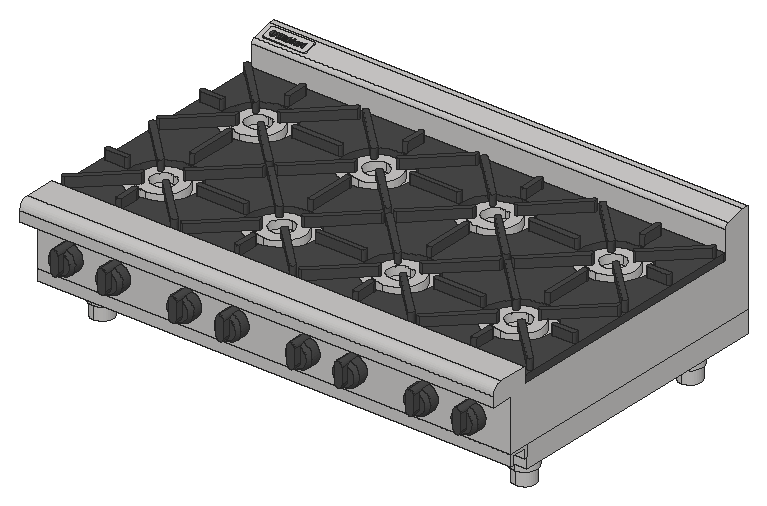
Revit family "QF_MOFFAT WALDORF_RNL8800G-B", category Specialty Equipment, Revit 2012 (continued)
Lines and regions (mm)
  symbolic lines
    curve 68: arc (150, -180.5, 0) -> (93, -237.5, 0) -> (150, -294.5, 0) r 57
    curve 69: arc (450, -321.582, 0) -> (365.918, -237.5, 0) -> (450, -153.418, 0) r 84.082
    curve 70: arc (450, -153.418, 0) -> (534.082, -237.5, 0) -> (450, -321.582, 0) r 84.082
    curve 71: arc (450, -180.5, 0) -> (393, -237.5, 0) -> (450, -294.5, 0) r 57
    curve 72: arc (450, -294.5, 0) -> (507, -237.5, 0) -> (450, -180.5, 0) r 57
    curve 73: arc (450, -621.582, 0) -> (365.918, -537.5, 0) -> (450, -453.418, 0) r 84.082
    curve 74: arc (450, -453.418, 0) -> (534.082, -537.5, 0) -> (450, -621.582, 0) r 84.082
    curve 75: arc (450, -480.5, 0) -> (393, -537.5, 0) -> (450, -594.5, 0) r 57
    curve 76: arc (450, -594.5, 0) -> (507, -537.5, 0) -> (450, -480.5, 0) r 57
    curve 77: arc (150, -453.418, 0) -> (234.082, -537.5, 0) -> (150, -621.582, 0) r 84.082
    curve 78: arc (150, -621.582, 0) -> (65.918, -537.5, 0) -> (150, -453.418, 0) r 84.082
    curve 79: arc (150, -594.5, 0) -> (207, -537.5, 0) -> (150, -480.5, 0) r 57
    curve 80: arc (150, -480.5, 0) -> (93, -537.5, 0) -> (150, -594.5, 0) r 57
    curve 81: arc (750, -153.418, 0) -> (834.082, -237.5, 0) -> (750, -321.582, 0) r 84.082
    curve 82: arc (750, -321.582, 0) -> (665.918, -237.5, 0) -> (750, -153.418, 0) r 84.082
    curve 83: arc (750, -294.5, 0) -> (807, -237.5, 0) -> (750, -180.5, 0) r 57
    curve 84: arc (750, -180.5, 0) -> (693, -237.5, 0) -> (750, -294.5, 0) r 57
    curve 85: arc (750, -453.418, 0) -> (834.082, -537.5, 0) -> (750, -621.582, 0) r 84.082
    curve 86: arc (750, -621.582, 0) -> (665.918, -537.5, 0) -> (750, -453.418, 0) r 84.082
    curve 87: arc (750, -594.5, 0) -> (807, -537.5, 0) -> (750, -480.5, 0) r 57
    curve 88: arc (750, -480.5, 0) -> (693, -537.5, 0) -> (750, -594.5, 0) r 57
    curve 89: arc (1050, -321.582, 0) -> (965.918, -237.5, 0) -> (1050, -153.418, 0) r 84.082
    curve 90: arc (1050, -153.418, 0) -> (1134.082, -237.5, 0) -> (1050, -321.582, 0) r 84.082
    curve 91: arc (1050, -294.5, 0) -> (1107, -237.5, 0) -> (1050, -180.5, 0) r 57
    curve 92: arc (1050, -180.5, 0) -> (993, -237.5, 0) -> (1050, -294.5, 0) r 57
    curve 93: arc (1050, -621.582, 0) -> (965.918, -537.5, 0) -> (1050, -453.418, 0) r 84.082
    curve 94: arc (1050, -453.418, 0) -> (1134.082, -537.5, 0) -> (1050, -621.582, 0) r 84.082
    curve 95: arc (1050, -480.5, 0) -> (993, -537.5, 0) -> (1050, -594.5, 0) r 57
    curve 96: arc (1050, -594.5, 0) -> (1107, -537.5, 0) -> (1050, -480.5, 0) r 57
    curve 97: line (149.548, -91.559, 0) -> (149.548, -150.474, 0)
    curve 98: line (292.985, -93.673, 0) -> (177.661, -208.996, 0)
    curve 99: line (6.308, -93.805, 0) -> (122.981, -210.478, 0)
    curve 100: line (4.051, -237.21, 0) -> (62.934, -237.21, 0)
    curve 101: line (237.206, -237.685, 0) -> (362.206, -237.685, 0)
    curve 102: line (177.414, -264.855, 0) -> (292.362, -379.803, 0)
    curve 103: line (121.919, -265.123, 0) -> (7.026, -380.016, 0)
    curve 104: line (149.925, -324.847, 0) -> (149.925, -444.847, 0)
    curve 105: line (149.548, -683.441, 0) -> (149.548, -624.526, 0)
    curve 106: line (292.985, -681.327, 0) -> (177.661, -566.004, 0)
    curve 107: line (6.308, -681.195, 0) -> (122.981, -564.522, 0)
    curve 108: line (4.051, -537.79, 0) -> (62.934, -537.79, 0)
    curve 109: line (237.206, -537.315, 0) -> (362.206, -537.315, 0)
    curve 110: line (177.414, -510.145, 0) -> (292.362, -395.197, 0)
    curve 111: line (121.919, -509.877, 0) -> (7.026, -394.984, 0)
    curve 112: line (450.452, -91.559, 0) -> (450.452, -150.474, 0)
    curve 113: line (307.015, -93.673, 0) -> (422.339, -208.996, 0)
    curve 114: line (593.692, -93.805, 0) -> (477.019, -210.478, 0)
    curve 115: line (422.586, -264.855, 0) -> (307.638, -379.803, 0)
    curve 116: line (478.081, -265.123, 0) -> (592.974, -380.016, 0)
    curve 117: line (450.075, -324.847, 0) -> (450.075, -444.847, 0)
    curve 118: line (450.452, -683.441, 0) -> (450.452, -624.526, 0)
    curve 119: line (307.015, -681.327, 0) -> (422.339, -566.004, 0)
    curve 120: line (593.692, -681.195, 0) -> (477.019, -564.522, 0)
    curve 121: line (362.794, -537.315, 0) -> (237.794, -537.315, 0)
    curve 122: line (422.586, -510.145, 0) -> (307.638, -395.197, 0)
    curve 123: line (478.081, -509.877, 0) -> (592.974, -394.984, 0)
    curve 124: arc (1050, -153.418, 0) -> (965.918, -237.5, 0) -> (1050, -321.582, 0) r 84.082
    curve 125: arc (1050, -321.582, 0) -> (1134.082, -237.5, 0) -> (1050, -153.418, 0) r 84.082
    curve 126: arc (1050, -294.5, 0) -> (993, -237.5, 0) -> (1050, -180.5, 0) r 57
    curve 127: arc (1050, -180.5, 0) -> (1107, -237.5, 0) -> (1050, -294.5, 0) r 57
    curve 128: arc (750, -321.582, 0) -> (834.082, -237.5, 0) -> (750, -153.418, 0) r 84.082
    curve 129: arc (750, -153.418, 0) -> (665.918, -237.5, 0) -> (750, -321.582, 0) r 84.082
    curve 130: arc (750, -180.5, 0) -> (807, -237.5, 0) -> (750, -294.5, 0) r 57
    curve 131: arc (750, -294.5, 0) -> (693, -237.5, 0) -> (750, -180.5, 0) r 57
    curve 132: arc (750, -621.582, 0) -> (834.082, -537.5, 0) -> (750, -453.418, 0) r 84.082
    curve 133: arc (750, -453.418, 0) -> (665.918, -537.5, 0) -> (750, -621.582, 0) r 84.082
    curve 134: arc (750, -480.5, 0) -> (807, -537.5, 0) -> (750, -594.5, 0) r 57
    curve 135: arc (750, -594.5, 0) -> (693, -537.5, 0) -> (750, -480.5, 0) r 57
    curve 136: arc (1050, -453.418, 0) -> (965.918, -537.5, 0) -> (1050, -621.582, 0) r 84.082
    curve 137: arc (1050, -621.582, 0) -> (1134.082, -537.5, 0) -> (1050, -453.418, 0) r 84.082
    curve 138: arc (1050, -594.5, 0) -> (993, -537.5, 0) -> (1050, -480.5, 0) r 57
    curve 139: arc (1050, -480.5, 0) -> (1107, -537.5, 0) -> (1050, -594.5, 0) r 57
    curve 140: line (1050.452, -91.559, 0) -> (1050.452, -150.474, 0)
    curve 141: line (907.015, -93.673, 0) -> (1022.339, -208.996, 0)
    curve 142: line (1195.949, -237.21, 0) -> (1137.066, -237.21, 0)
    curve 143: line (962.794, -237.685, 0) -> (837.794, -237.685, 0)
    curve 144: line (1022.586, -264.855, 0) -> (907.638, -379.803, 0)
    curve 145: line (1078.081, -265.123, 0) -> (1192.974, -380.016, 0)
    curve 146: line (1050.075, -324.847, 0) -> (1050.075, -444.847, 0)
    curve 147: line (1050.452, -683.441, 0) -> (1050.452, -624.526, 0)
    curve 148: line (907.015, -681.327, 0) -> (1022.339, -566.004, 0)
    curve 149: line (1193.692, -681.195, 0) -> (1077.019, -564.522, 0)
    curve 150: line (1195.949, -537.79, 0) -> (1137.066, -537.79, 0)
    curve 151: line (962.794, -537.315, 0) -> (837.794, -537.315, 0)
    curve 152: line (1022.586, -510.145, 0) -> (907.638, -395.197, 0)
    curve 153: line (1078.081, -509.877, 0) -> (1192.974, -394.984, 0)
    curve 154: line (749.548, -91.559, 0) -> (749.548, -150.474, 0)
    curve 155: line (892.985, -93.673, 0) -> (777.661, -208.996, 0)
    curve 156: line (606.308, -93.805, 0) -> (722.981, -210.478, 0)
    curve 157: line (777.414, -264.855, 0) -> (892.362, -379.803, 0)
    curve 158: line (721.919, -265.123, 0) -> (607.026, -380.016, 0)
    curve 159: line (749.925, -324.847, 0) -> (749.925, -444.847, 0)
    curve 160: line (749.548, -683.441, 0) -> (749.548, -624.526, 0)
    curve 161: line (892.985, -681.327, 0) -> (777.661, -566.004, 0)
    curve 162: line (606.308, -681.195, 0) -> (722.981, -564.522, 0)
    curve 163: line (837.206, -537.315, 0) -> (962.206, -537.315, 0)
    curve 164: line (777.414, -510.145, 0) -> (892.362, -395.197, 0)
    curve 165: line (721.919, -509.877, 0) -> (607.026, -394.984, 0)
    curve 166: line (1192.985, -93.673, 0) -> (1077.661, -208.996, 0)
    curve 167: line (537.5, -237.685, 0) -> (662.5, -237.685, 0)
    curve 168: line (663.089, -537.315, 0) -> (538.089, -537.315, 0)
    curve 169: line (0, -387.5, 0) -> (1200, -387.5, 0)
    curve 170: line (300.379, -70, 0) -> (300.379, -705, 0)
    curve 171: line (600, -70, 0) -> (600, -705, 0)
    curve 172: line (900, -70, 0) -> (900, -705, 0)
    curve 173: line (1200, -805, 0) -> (1200, 0, 0)
    curve 174: line (0, -805, 0) -> (1200, -805, 0)
    curve 175: line (0, 0, 0) -> (0, -805, 0)
    curve 176: line (1200, -705, 0) -> (0, -705, 0)
    curve 177: line (0, -70, 0) -> (1200, -70, 0)
    curve 178: line (1200, 0, 0) -> (0, 0, 0)
    curve 179: arc (150, -267.5, 0) -> (120, -237.5, 0) -> (150, -207.5, 0) r 30
    curve 180: arc (150, -207.5, 0) -> (180, -237.5, 0) -> (150, -267.5, 0) r 30
    curve 181: arc (450, -267.5, 0) -> (420, -237.5, 0) -> (450, -207.5, 0) r 30
    curve 182: arc (450, -207.5, 0) -> (480, -237.5, 0) -> (450, -267.5, 0) r 30
    curve 183: arc (750, -207.5, 0) -> (780, -237.5, 0) -> (750, -267.5, 0) r 30
    curve 184: arc (750, -267.5, 0) -> (720, -237.5, 0) -> (750, -207.5, 0) r 30
    curve 185: arc (1050, -267.5, 0) -> (1020, -237.5, 0) -> (1050, -207.5, 0) r 30
    curve 186: arc (1050, -207.5, 0) -> (1080, -237.5, 0) -> (1050, -267.5, 0) r 30
    curve 187: arc (1050, -507.5, 0) -> (1080, -537.5, 0) -> (1050, -567.5, 0) r 30
    curve 188: arc (1050, -567.5, 0) -> (1020, -537.5, 0) -> (1050, -507.5, 0) r 30
    curve 189: arc (750, -507.5, 0) -> (780, -537.5, 0) -> (750, -567.5, 0) r 30
    curve 190: arc (750, -567.5, 0) -> (720, -537.5, 0) -> (750, -507.5, 0) r 30
    curve 191: arc (450, -507.5, 0) -> (480, -537.5, 0) -> (450, -567.5, 0) r 30
    curve 192: arc (450, -567.5, 0) -> (420, -537.5, 0) -> (450, -507.5, 0) r 30
    curve 193: arc (150, -507.5, 0) -> (180, -537.5, 0) -> (150, -567.5, 0) r 30
    curve 194: arc (150, -567.5, 0) -> (120, -537.5, 0) -> (150, -507.5, 0) r 30
Dimensions and locks
  equal spacing: plane 3 "LEFT", plane 7 "Center Y", plane 4 "RIGHT"
  plane 3 "LEFT" to plane 4 "RIGHT" = 1200.0 mm
  equal spacing: plane 5 "FRONT", plane 8 "Center X", plane 1 "BACK"
  plane 5 "FRONT" to plane 1 "BACK" = 805.0 mm
  "Base Height": plane 9 "Base Height" to level
  locked: plane 6 "TOP" to plane 9 "Base Height" at 290
  Extrusion 9 sketch curve to plane 10 = 64.8 mm
  level to Extrusion 6 = 55.0 mm
  locked: Extrusion 6 to plane 9 "Base Height" at 25
  Revolve 15 sketch curve to Revolve 15 sketch curve to Revolve 17 to cut or joined group of Revolve 13, Extrusion 14 = 11.0 mm locked, 23.0 mm locked, 10.0 mm locked
  plane 11 to plane 12 = 1069.0 mm
  plane 6 "TOP" to level = 370.0 mm
  aligned and locked: level to plane 2
  aligned and locked: plane 9 "Base Height" to Extrusion 6
  aligned and locked: Revolve 3 sketch curve to plane 9 "Base Height"
  aligned and locked: Extrusion 1 to Revolve 15 sketch curve
Automatic sketch dimensions
  plane 1 "BACK" to Extrusion 6 sketch curve = 32.0 mm
  Extrusion 6 sketch curve to plane 11 = 64.0 mm
  curve 65 to curve 67 = 0.0 mm  (x2)
  curve 69 to curve 71 = 0.0 mm  (x2)
  curve 73 to curve 75 = 0.0 mm
  curve 74 to curve 76 = 0.0 mm
  curve 77 to curve 79 = 0.0 mm  (x2)
  curve 81 to curve 83 = 0.0 mm  (x2)
  curve 81 to curve 128 = 0.0 mm  (x3)
  curve 81 to curve 130 = 0.0 mm  (x2)
  curve 85 to curve 87 = 0.0 mm  (x2)
  curve 85 to curve 132 = 0.0 mm
  curve 85 to curve 134 = 0.0 mm  (x2)
  curve 86 to curve 133 = 0.0 mm
  curve 89 to curve 91 = 0.0 mm  (x2)
  curve 90 to curve 127 = 0.0 mm
  curve 91 to curve 126 = 0.0 mm  (x2)
  curve 93 to curve 95 = 0.0 mm  (x2)
  curve 94 to curve 136 = 0.0 mm
  curve 96 to curve 139 = 0.0 mm
  curve 125 to curve 127 = 0.0 mm  (x2)
  curve 137 to curve 139 = 0.0 mm  (x2)
  curve 171 to plane 7 "Center Y" = 0.0 mm
  curve 169 to plane 4 "RIGHT" = 0.0 mm
  plane 3 "LEFT" to curve 100 = 4.051 mm
  plane 3 "LEFT" to curve 108 = 4.051 mm
  plane 3 "LEFT" to curve 107 = 6.308 mm
  plane 3 "LEFT" to curve 99 = 6.308 mm
  plane 3 "LEFT" to curve 111 = 7.026 mm
  plane 3 "LEFT" to curve 103 = 7.026 mm
  plane 3 "LEFT" to curve 3 = 12.5 mm
  curve 100 to plane 12 = 2.066 mm
  curve 108 to plane 12 = 2.066 mm
  plane 12 to curve 4 = 56.5 mm
  plane 12 to curve 103 = 56.919 mm
  plane 12 to curve 111 = 56.919 mm
  curve 111 to curve 107 = 1.062 mm
  curve 103 to curve 99 = 1.062 mm
  curve 99 to curve 97 = 26.567 mm
  plane 12 to curve 105 = 84.548 mm
  curve 2 to curve 5 = 28.062 mm
  curve 103 to curve 104 = 28.006 mm
  curve 104 to curve 80 = 0.075 mm
  curve 104 to curve 68 = 0.075 mm
  curve 5 to curve 7 = 20.0 mm
  curve 65 to curve 102 = 27.414 mm
  curve 77 to curve 110 = 27.414 mm
  curve 67 to curve 98 = 27.661 mm
  curve 79 to curve 106 = 27.661 mm
  curve 6 to curve 9 = 40.0 mm
  curve 9 to curve 12 = 20.0 mm
  curve 102 to curve 101 = 59.792 mm
  curve 110 to curve 109 = 59.792 mm
  curve 109 to curve 121 = 0.589 mm  (x2)
  curve 10 to curve 13 = 40.0 mm
  curve 13 to curve 16 = 20.0 mm
  plane 8 "Center X" to curve 110 = 7.303 mm
  curve 104 to curve 110 = 142.437 mm
  plane 8 "Center X" to curve 102 = 22.697 mm
  curve 102 to curve 110 = 0.0 mm
  curve 105 to curve 106 = 143.437 mm
  plane 1 "BACK" to curve 98 = 93.673 mm
  curve 14 to curve 98 = 3.422 mm
  curve 14 to curve 170 = 10.817 mm
  curve 98 to curve 113 = 14.03 mm
  curve 106 to curve 119 = 14.03 mm
  plane 8 "Center X" to curve 122 = 7.303 mm
  curve 110 to curve 122 = 15.277 mm
  plane 8 "Center X" to curve 115 = 22.697 mm
  curve 102 to curve 115 = 15.277 mm
  curve 15 to curve 20 = 40.0 mm
  curve 17 to curve 19 = 20.0 mm
  curve 101 to curve 101 = 125.0 mm
  curve 121 to curve 109 = 124.411 mm
  curve 19 to curve 22 = 40.0 mm
  curve 21 to curve 23 = 20.0 mm
  curve 101 to curve 113 = 60.133 mm
  curve 121 to curve 119 = 59.544 mm
  curve 113 to curve 115 = 0.248 mm
  curve 119 to curve 122 = 0.248 mm
  curve 22 to curve 25 = 40.0 mm
  curve 122 to curve 73 = 27.414 mm
  curve 113 to curve 72 = 27.661 mm
  curve 74 to curve 117 = 0.075 mm
  curve 70 to curve 112 = 0.452 mm
  curve 73 to curve 118 = 0.452 mm
  curve 25 to curve 27 = 20.0 mm
  curve 73 to curve 120 = 27.019 mm
  curve 69 to curve 114 = 27.019 mm
  curve 73 to curve 123 = 28.081 mm
  curve 69 to curve 116 = 28.081 mm
  curve 26 to curve 30 = 40.0 mm
  curve 29 to curve 31 = 20.0 mm
  curve 167 to plane 7 "Center Y" = 62.5 mm
  curve 168 to plane 7 "Center Y" = 61.911 mm
  curve 33 to plane 7 "Center Y" = 30.437 mm
  curve 35 to plane 7 "Center Y" = 10.437 mm
  curve 123 to plane 7 "Center Y" = 7.026 mm
  curve 116 to plane 7 "Center Y" = 7.026 mm
  curve 120 to plane 7 "Center Y" = 6.308 mm
  curve 114 to plane 7 "Center Y" = 6.308 mm
  plane 7 "Center Y" to curve 156 = 6.308 mm
  plane 7 "Center Y" to curve 162 = 6.308 mm
  plane 7 "Center Y" to curve 165 = 7.026 mm
  plane 7 "Center Y" to curve 158 = 7.026 mm
  plane 7 "Center Y" to curve 37 = 29.563 mm
  curve 37 to curve 38 = 20.0 mm
  plane 7 "Center Y" to curve 167 = 62.5 mm
  plane 7 "Center Y" to curve 168 = 63.089 mm
  curve 38 to curve 41 = 40.0 mm
  curve 41 to curve 43 = 20.0 mm
  curve 167 to curve 158 = 59.419 mm
  curve 168 to curve 165 = 58.83 mm
  curve 158 to curve 156 = 1.062 mm
  curve 165 to curve 162 = 1.062 mm
  curve 162 to curve 160 = 26.567 mm
  curve 156 to curve 154 = 26.567 mm
  curve 43 to curve 45 = 40.0 mm
  curve 158 to curve 159 = 28.006 mm
  curve 159 to curve 128 = 0.075 mm
  curve 162 to curve 133 = 27.019 mm
  curve 45 to curve 47 = 20.0 mm
  curve 85 to curve 164 = 27.414 mm
  curve 81 to curve 157 = 27.414 mm
  curve 84 to curve 155 = 27.661 mm
  curve 134 to curve 161 = 27.661 mm
  curve 47 to curve 50 = 40.0 mm
  curve 49 to curve 51 = 20.0 mm
  curve 164 to curve 163 = 59.792 mm
  curve 163 to curve 151 = 0.589 mm  (x2)
  curve 157 to curve 143 = 60.381 mm
  curve 51 to curve 53 = 40.0 mm
  curve 53 to curve 55 = 20.0 mm
  plane 8 "Center X" to curve 164 = 7.303 mm
  curve 159 to curve 164 = 142.437 mm
  plane 8 "Center X" to curve 157 = 22.697 mm
  curve 157 to curve 164 = 0.0 mm
  curve 160 to curve 161 = 143.437 mm
  plane 1 "BACK" to curve 155 = 93.673 mm
  curve 54 to curve 155 = 3.422 mm
  curve 54 to curve 172 = 10.438 mm
  curve 161 to curve 148 = 14.03 mm
  plane 1 "BACK" to curve 141 = 93.673 mm
  curve 155 to curve 141 = 14.03 mm
  plane 8 "Center X" to curve 144 = 22.697 mm
  curve 157 to curve 144 = 15.277 mm
  plane 8 "Center X" to curve 152 = 7.303 mm
  curve 164 to curve 152 = 15.277 mm
  curve 55 to curve 58 = 40.0 mm
  curve 57 to curve 60 = 20.0 mm
  curve 151 to curve 163 = 124.411 mm
  curve 143 to curve 143 = 125.0 mm
  curve 59 to curve 62 = 40.0 mm
  curve 61 to curve 63 = 20.0 mm
  curve 143 to curve 141 = 59.544 mm
  curve 151 to curve 148 = 59.544 mm
  curve 148 to curve 152 = 0.248 mm
  curve 141 to curve 144 = 0.248 mm
  curve 148 to curve 139 = 27.661 mm
  curve 144 to curve 92 = 27.414 mm
  curve 125 to curve 146 = 0.075 mm
  curve 137 to curve 147 = 0.452 mm
  curve 62 to curve 140 = 40.89 mm
  curve 136 to curve 149 = 27.019 mm
  curve 126 to curve 166 = 27.661 mm
  curve 136 to curve 153 = 28.081 mm
  curve 124 to curve 145 = 28.081 mm
  plane 11 to curve 150 = 3.066 mm
  plane 11 to curve 142 = 3.066 mm
  plane 4 "RIGHT" to curve 145 = 7.026 mm
  plane 4 "RIGHT" to curve 153 = 7.026 mm
  plane 4 "RIGHT" to curve 166 = 7.015 mm
  plane 4 "RIGHT" to curve 149 = 6.308 mm
  plane 4 "RIGHT" to curve 150 = 4.051 mm
  plane 4 "RIGHT" to curve 142 = 4.051 mm
  curve 159 to plane 8 "Center X" = 42.347 mm
  curve 146 to plane 8 "Center X" = 42.347 mm
  curve 117 to plane 8 "Center X" = 42.347 mm
  curve 104 to plane 8 "Center X" = 42.347 mm
  curve 94 to curve 146 = 8.57 mm
  curve 73 to curve 117 = 8.57 mm
  curve 86 to curve 159 = 8.57 mm
  curve 137 to curve 94 = 0.0 mm
  curve 77 to curve 104 = 8.57 mm
  curve 133 to curve 86 = 0.0 mm
  curve 79 to curve 77 = 27.082 mm
  curve 96 to curve 93 = 27.082 mm
  curve 88 to curve 85 = 27.082 mm
  curve 75 to curve 73 = 27.082 mm
  curve 139 to curve 95 = 0.0 mm
  curve 135 to curve 87 = 0.0 mm
  curve 153 to curve 138 = 29.377 mm
  curve 123 to curve 75 = 29.377 mm
  curve 111 to curve 79 = 29.377 mm
  curve 165 to curve 134 = 29.377 mm
  curve 152 to curve 95 = 29.645 mm
  curve 122 to curve 76 = 29.645 mm
  curve 110 to curve 79 = 29.645 mm
  curve 164 to curve 88 = 29.645 mm
  curve 168 to curve 165 = 27.439 mm
  curve 151 to curve 164 = 27.171 mm
  curve 109 to curve 110 = 27.171 mm
  curve 163 to curve 151 = 0.0 mm
  curve 109 to curve 121 = 0.0 mm
  curve 73 to curve 122 = 27.355 mm
  curve 133 to curve 164 = 27.355 mm
  curve 95 to curve 152 = 27.355 mm
  curve 77 to curve 110 = 27.355 mm
  curve 150 to curve 153 = 27.913 mm
  curve 108 to curve 111 = 27.913 mm
  curve 149 to curve 136 = 27.022 mm
  curve 107 to curve 77 = 27.022 mm
  curve 120 to curve 73 = 27.022 mm
  curve 162 to curve 85 = 27.022 mm
  curve 95 to curve 148 = 28.496 mm
  curve 79 to curve 106 = 28.496 mm
  curve 75 to curve 119 = 28.496 mm
  curve 134 to curve 161 = 28.496 mm
  curve 118 to curve 74 = 2.944 mm
  curve 160 to curve 133 = 2.944 mm
  curve 105 to curve 78 = 2.944 mm
  curve 147 to curve 137 = 2.944 mm
  curve 107 to plane 5 "FRONT" = 123.805 mm
  curve 120 to curve 162 = 0.0 mm
  curve 149 to plane 5 "FRONT" = 123.805 mm
  curve 161 to curve 148 = 0.0 mm
  curve 106 to plane 5 "FRONT" = 123.673 mm
  curve 106 to curve 119 = 0.0 mm
  curve 105 to curve 105 = 58.914 mm
  curve 147 to curve 147 = 58.914 mm
  curve 118 to curve 118 = 58.914 mm
  curve 160 to curve 160 = 58.914 mm
  curve 172 to curve 148 = 23.673 mm
  curve 170 to curve 119 = 23.673 mm
  curve 171 to curve 162 = 23.805 mm
  plane 8 "Center X" to curve 123 = 7.516 mm
  plane 8 "Center X" to curve 153 = 7.516 mm
  plane 8 "Center X" to curve 165 = 7.516 mm
  plane 8 "Center X" to curve 111 = 7.516 mm
  curve 153 to curve 169 = 7.484 mm
  curve 165 to curve 158 = 14.968 mm
  curve 169 to curve 103 = 7.484 mm
  curve 169 to curve 145 = 7.484 mm
  curve 116 to curve 158 = 0.0 mm
  plane 8 "Center X" to curve 117 = 77.653 mm
  plane 8 "Center X" to curve 104 = 77.653 mm
  plane 8 "Center X" to curve 159 = 77.653 mm
  plane 8 "Center X" to curve 146 = 77.653 mm
  curve 104 to curve 65 = 3.265 mm
  curve 159 to curve 128 = 3.265 mm
  curve 146 to curve 90 = 3.265 mm
  curve 117 to curve 70 = 3.265 mm
  curve 125 to curve 90 = 0.0 mm
  curve 81 to curve 130 = 27.082 mm
  curve 84 to curve 131 = 0.0 mm
  curve 89 to curve 126 = 27.082 mm
  curve 65 to curve 68 = 27.082 mm
  curve 69 to curve 72 = 27.082 mm
  curve 127 to curve 145 = 29.377 mm
  curve 84 to curve 158 = 29.377 mm
  curve 68 to curve 103 = 29.377 mm
  curve 72 to curve 116 = 29.377 mm
  curve 130 to curve 157 = 29.645 mm
  curve 92 to curve 144 = 29.645 mm
  curve 67 to curve 102 = 29.645 mm
  curve 71 to curve 115 = 29.645 mm
  curve 102 to curve 101 = 27.171 mm
  curve 157 to curve 143 = 27.171 mm
  curve 116 to curve 167 = 27.439 mm
  curve 102 to curve 68 = 27.355 mm
  curve 115 to curve 69 = 27.355 mm
  curve 157 to curve 83 = 27.355 mm
  curve 144 to curve 127 = 27.355 mm
  curve 103 to curve 100 = 27.913 mm
  curve 145 to curve 142 = 27.913 mm
  curve 81 to curve 156 = 27.022 mm
  curve 69 to curve 114 = 27.022 mm
  curve 65 to curve 99 = 27.022 mm
  curve 166 to curve 126 = 28.496 mm
  curve 98 to curve 67 = 28.496 mm
  curve 113 to curve 72 = 28.496 mm
  curve 155 to curve 84 = 28.496 mm
  curve 141 to curve 91 = 28.496 mm
  curve 82 to curve 154 = 2.944 mm
  curve 66 to curve 97 = 2.944 mm
  curve 125 to curve 140 = 2.944 mm
  curve 70 to curve 112 = 2.944 mm
  plane 1 "BACK" to curve 99 = 93.805 mm
  curve 114 to curve 156 = 0.0 mm
  plane 1 "BACK" to curve 166 = 93.673 mm
  curve 97 to curve 97 = 58.914 mm
  curve 112 to curve 112 = 58.914 mm
  curve 154 to curve 154 = 58.914 mm
  curve 140 to curve 140 = 58.914 mm
  curve 156 to curve 171 = 23.805 mm
  curve 141 to curve 172 = 23.673 mm
  curve 113 to curve 170 = 23.673 mm
  curve 97 to curve 2 = 39.499 mm
  curve 170 to curve 18 = 19.218 mm
  plane 1 "BACK" to curve 41 = 50.782 mm
  plane 1 "BACK" to curve 62 = 50.782 mm
  curve 18 to curve 21 = 0.0 mm
  curve 42 to curve 45 = 0.0 mm
  curve 23 to curve 25 = 0.0 mm
  curve 47 to curve 49 = 0.0 mm
  curve 26 to curve 29 = 0.0 mm
  curve 39 to curve 41 = 0.0 mm
  curve 171 to curve 33 = 19.218 mm
  curve 2 to curve 5 = 1.278 mm
  curve 172 to curve 53 = 19.218 mm
  curve 172 to curve 57 = 19.218 mm
  curve 170 to curve 15 = 19.218 mm
  curve 7 to curve 12 = 0.0 mm
  plane 1 "BACK" to curve 1 = 21.784 mm
  plane 1 "BACK" to curve 63 = 20.984 mm
  plane 1 "BACK" to curve 39 = 20.984 mm
  plane 1 "BACK" to curve 9 = 20.984 mm
  plane 1 "BACK" to curve 7 = 20.984 mm
  plane 1 "BACK" to curve 13 = 20.984 mm
  plane 1 "BACK" to curve 35 = 20.984 mm
  plane 1 "BACK" to curve 59 = 20.984 mm
  plane 1 "BACK" to curve 56 = 20.984 mm
  plane 1 "BACK" to curve 52 = 20.984 mm
  plane 1 "BACK" to curve 17 = 20.984 mm
  plane 1 "BACK" to curve 32 = 20.984 mm
  plane 1 "BACK" to curve 28 = 20.984 mm
  plane 1 "BACK" to curve 23 = 20.984 mm
  plane 1 "BACK" to curve 47 = 20.984 mm
  plane 1 "BACK" to curve 44 = 20.984 mm
  Extrusion 1 sketch curve to plane 5 "FRONT" = 0.0 mm
  Extrusion 1 sketch curve to plane 9 "Base Height" = 0.0 mm
  Extrusion 1 sketch curve to plane 6 "TOP" = 0.0 mm
  Extrusion 1 sketch curve to plane 1 "BACK" = 0.0 mm  (x2)
  Extrusion 1 sketch curve to plane 5 "FRONT" = 24.0 mm
  Extrusion 1 sketch curve to plane 5 "FRONT" = 56.0 mm
  Extrusion 1 sketch curve to Extrusion 1 sketch curve = 0.0 mm  (x2)
  Extrusion 1 sketch curve to Extrusion 1 sketch curve = 6.4 mm  (x3)
  Extrusion 1 sketch curve to Extrusion 1 sketch curve = 36.2 mm
  Extrusion 1 sketch curve to Extrusion 1 sketch curve = 44.0 mm
  Extrusion 1 sketch curve to Extrusion 1 sketch curve = 1.0 mm
  plane 1 "BACK" to Extrusion 1 sketch curve = 70.0 mm
  Extrusion 1 sketch curve to plane 6 "TOP" = 12.354 mm
  Extrusion 1 sketch curve to Extrusion 1 sketch curve = 8.894 mm
  Extrusion 1 sketch curve to Extrusion 1 sketch curve = 3.106 mm
  Extrusion 1 sketch curve to Extrusion 1 sketch curve = 15.0 mm
  plane 9 "Base Height" to Extrusion 1 sketch curve = 27.019 mm  (x2)
  Extrusion 1 sketch curve to Extrusion 1 sketch curve = 20.787 mm
  Extrusion 1 sketch curve to Extrusion 1 sketch curve = 0.794 mm
  Extrusion 1 sketch curve to Extrusion 1 sketch curve = 131.0 mm
  Extrusion 1 sketch curve to Extrusion 1 sketch curve = 140.0 mm
  Extrusion 1 sketch curve to Extrusion 1 sketch curve = 25.0 mm
  Revolve 2 sketch curve to plane 9 "Base Height" = 0.0 mm
  Revolve 2 sketch curve to level = 0.0 mm
  level to Revolve 2 sketch curve = 35.0 mm
  plane 1 "BACK" to Revolve 2 sketch curve = 131.75 mm
  Revolve 2 sketch curve to Revolve 2 sketch curve = 4.25 mm
  Revolve 2 sketch curve to Revolve 2 sketch curve = 27.5 mm
  Revolve 2 sketch curve to Revolve 2 sketch curve = 0.0 mm
  Revolve 2 sketch curve to Revolve 2 sketch curve = 30.0 mm
  Revolve 2 sketch curve to Revolve 2 sketch curve = 55.0 mm
  Revolve 3 sketch curve to level = 0.0 mm
  level to Revolve 3 sketch curve = 35.0 mm
  plane 1 "BACK" to Revolve 3 sketch curve = 131.75 mm
  Revolve 3 sketch curve to Revolve 3 sketch curve = 4.25 mm
  Revolve 3 sketch curve to Revolve 3 sketch curve = 27.5 mm
  Revolve 3 sketch curve to Revolve 3 sketch curve = 0.0 mm
  Revolve 3 sketch curve to Revolve 3 sketch curve = 55.0 mm
  Revolve 3 sketch curve to plane 9 "Base Height" = 30.0 mm
  Revolve 4 sketch curve to plane 5 "FRONT" = 56.0 mm
  Revolve 4 sketch curve to Revolve 4 sketch curve = 10.0 mm
  Revolve 4 sketch curve to Revolve 4 sketch curve = 21.3 mm
  Revolve 4 sketch curve to plane 5 "FRONT" = 23.0 mm
  Revolve 4 sketch curve to plane 5 "FRONT" = 12.0 mm
  Revolve 4 sketch curve to Revolve 4 sketch curve = 0.0 mm  (x2)
  plane 9 "Base Height" to Revolve 4 sketch curve = 117.105 mm
  Revolve 4 sketch curve to Revolve 4 sketch curve = 5.0 mm
  Revolve 4 sketch curve to Revolve 4 sketch curve = 26.651 mm
  Revolve 4 sketch curve to Revolve 4 sketch curve = 5.849 mm
  plane 12 to Extrusion 5 sketch curve = 135.0 mm
  Extrusion 5 sketch curve to Extrusion 5 sketch curve = 10.0 mm
  plane 9 "Base Height" to Extrusion 5 sketch curve = 105.003 mm
  Extrusion 5 sketch curve to Extrusion 5 sketch curve = 38.997 mm
  Revolve 7 sketch curve to plane 5 "FRONT" = 12.0 mm
  Revolve 7 sketch curve to Revolve 7 sketch curve = 0.0 mm  (x2)
  Revolve 7 sketch curve to Revolve 7 sketch curve = 11.0 mm
  Revolve 7 sketch curve to Revolve 7 sketch curve = 12.7 mm
  Revolve 7 sketch curve to Revolve 7 sketch curve = 23.0 mm
  Revolve 7 sketch curve to Revolve 7 sketch curve = 10.0 mm
  plane 9 "Base Height" to Revolve 7 sketch curve = 149.373 mm
  Revolve 7 sketch curve to Revolve 7 sketch curve = 5.849 mm
  Revolve 7 sketch curve to Revolve 7 sketch curve = 27.5 mm
  Revolve 7 sketch curve to Revolve 7 sketch curve = 5.0 mm
  plane 12 to Extrusion 8 sketch curve = 35.0 mm
  Extrusion 8 sketch curve to Extrusion 8 sketch curve = 10.0 mm
  plane 9 "Base Height" to Extrusion 8 sketch curve = 144.0 mm
  Extrusion 8 sketch curve to Extrusion 8 sketch curve = 39.0 mm
  Extrusion 1 to Extrusion 9 sketch curve = 1.0 mm  (x2)
  Extrusion 9 sketch curve to Extrusion 9 sketch curve = 3.0 mm
  Extrusion 1 to Extrusion 9 sketch curve = 4.0 mm
  Extrusion 1 to Extrusion 9 sketch curve = 167.5 mm  (x4)
  Extrusion 9 sketch curve to Extrusion 1 = 167.5 mm  (x4)
  Extrusion 9 sketch curve to Extrusion 1 = 4.0 mm  (x2)
  Extrusion 9 sketch curve to Extrusion 1 = 1.0 mm
  Extrusion 1 to Extrusion 9 sketch curve = 150.0 mm  (x4)
  Extrusion 9 sketch curve to Extrusion 9 sketch curve = 0.0 mm
  Extrusion 10 sketch curve to Extrusion 9 = 22.602 mm  (x8)
  Extrusion 10 sketch curve to Extrusion 9 = 25.398 mm  (x8)
  Extrusion 10 sketch curve to Extrusion 10 sketch curve = 4.525 mm  (x64)
  Extrusion 10 sketch curve to Extrusion 10 sketch curve = 49.204 mm  (x7)
  Extrusion 10 sketch curve to Extrusion 10 sketch curve = 55.923 mm  (x30)
  Extrusion 10 sketch curve to Extrusion 10 sketch curve = 0.0 mm  (x26)
  Extrusion 10 sketch curve to Extrusion 10 sketch curve = 20.524 mm  (x22)
  Extrusion 10 sketch curve to Extrusion 10 sketch curve = 6.4 mm  (x22)
  Extrusion 10 sketch curve to Extrusion 10 sketch curve = 53.847 mm  (x32)
  Extrusion 10 sketch curve to Extrusion 9 = 5.102 mm  (x5)
  Extrusion 10 sketch curve to Extrusion 10 sketch curve = 128.447 mm  (x14)
  Extrusion 10 sketch curve to Extrusion 9 = 14.153 mm  (x2)
  Extrusion 10 sketch curve to Extrusion 10 sketch curve = 12.205 mm  (x20)
  Extrusion 10 sketch curve to Extrusion 10 sketch curve = 116.204 mm  (x10)
  Extrusion 10 sketch curve to Extrusion 9 = 7.898 mm  (x4)
  Extrusion 10 sketch curve to Extrusion 9 = 31.653 mm  (x5)
  Extrusion 10 sketch curve to Extrusion 9 = 57.102 mm
  Extrusion 1 to Split face 1 sketch curve = 5.177 mm
  Split face 1 sketch curve to Extrusion 1 = 9.153 mm
  Split face 1 sketch curve to Extrusion 1 = 149.562 mm
  Split face 1 sketch curve to Split face 1 sketch curve = 20.0 mm
  Revolve 11 sketch curve to plane 5 "FRONT" = 56.0 mm
  Revolve 11 sketch curve to Revolve 11 sketch curve = 10.0 mm
  Revolve 11 sketch curve to Revolve 11 sketch curve = 21.3 mm
  Revolve 11 sketch curve to plane 5 "FRONT" = 23.0 mm
  Revolve 11 sketch curve to plane 5 "FRONT" = 12.0 mm
  Revolve 11 sketch curve to Revolve 11 sketch curve = 0.0 mm  (x2)
  plane 9 "Base Height" to Revolve 11 sketch curve = 117.105 mm
  Revolve 11 sketch curve to Revolve 11 sketch curve = 5.0 mm
  Revolve 11 sketch curve to Revolve 11 sketch curve = 26.651 mm
  Revolve 11 sketch curve to Revolve 11 sketch curve = 5.849 mm
  Extrusion 12 sketch curve to plane 7 "Center Y" = 100.0 mm
  Extrusion 12 sketch curve to Extrusion 12 sketch curve = 10.0 mm
  plane 9 "Base Height" to Extrusion 12 sketch curve = 105.003 mm
  Extrusion 12 sketch curve to Extrusion 12 sketch curve = 38.997 mm
  Revolve 13 sketch curve to plane 5 "FRONT" = 12.0 mm
  Revolve 13 sketch curve to Revolve 13 sketch curve = 0.0 mm  (x2)
  Revolve 13 sketch curve to Revolve 13 sketch curve = 11.0 mm
  Revolve 13 sketch curve to Revolve 13 sketch curve = 12.7 mm
  Revolve 13 sketch curve to Revolve 13 sketch curve = 23.0 mm
  Revolve 13 sketch curve to Revolve 13 sketch curve = 10.0 mm
  plane 9 "Base Height" to Revolve 13 sketch curve = 149.373 mm
  Revolve 13 sketch curve to Revolve 13 sketch curve = 5.849 mm
  Revolve 13 sketch curve to Revolve 13 sketch curve = 27.5 mm
  Revolve 13 sketch curve to Revolve 13 sketch curve = 5.0 mm
  Extrusion 14 sketch curve to plane 7 "Center Y" = 200.0 mm
  Extrusion 14 sketch curve to Extrusion 14 sketch curve = 10.0 mm
  plane 9 "Base Height" to Extrusion 14 sketch curve = 144.0 mm
  Extrusion 14 sketch curve to Extrusion 14 sketch curve = 39.0 mm
  Revolve 15 sketch curve to Revolve 15 sketch curve = 23.0 mm
  Revolve 15 sketch curve to Revolve 15 sketch curve = 12.7 mm
  Revolve 15 sketch curve to Revolve 15 sketch curve = 0.0 mm  (x2)
  plane 9 "Base Height" to Revolve 15 sketch curve = 117.105 mm
  Revolve 15 sketch curve to Revolve 15 sketch curve = 5.0 mm
  Revolve 15 sketch curve to Revolve 15 sketch curve = 26.651 mm
  Revolve 15 sketch curve to Revolve 15 sketch curve = 5.849 mm
  plane 7 "Center Y" to Extrusion 16 sketch curve = 199.375 mm
  Extrusion 16 sketch curve to Extrusion 16 sketch curve = 10.0 mm
  plane 9 "Base Height" to Extrusion 16 sketch curve = 105.003 mm
  Extrusion 16 sketch curve to Extrusion 16 sketch curve = 38.997 mm
  Revolve 17 sketch curve to plane 5 "FRONT" = 12.0 mm
  Revolve 17 sketch curve to Revolve 17 sketch curve = 0.0 mm  (x2)
  Revolve 17 sketch curve to Revolve 17 sketch curve = 11.0 mm
  Revolve 17 sketch curve to Revolve 17 sketch curve = 12.7 mm
  Revolve 17 sketch curve to Revolve 17 sketch curve = 23.0 mm
  Revolve 17 sketch curve to Revolve 17 sketch curve = 10.0 mm
  plane 9 "Base Height" to Revolve 17 sketch curve = 149.373 mm
  Revolve 17 sketch curve to Revolve 17 sketch curve = 5.849 mm
  Revolve 17 sketch curve to Revolve 17 sketch curve = 27.5 mm
  Revolve 17 sketch curve to Revolve 17 sketch curve = 5.0 mm
  plane 7 "Center Y" to Extrusion 18 sketch curve = 99.375 mm
  Extrusion 18 sketch curve to Extrusion 18 sketch curve = 10.0 mm
  plane 9 "Base Height" to Extrusion 18 sketch curve = 144.0 mm
  Extrusion 18 sketch curve to Extrusion 18 sketch curve = 39.0 mm
  Revolve 19 sketch curve to plane 9 "Base Height" = 0.0 mm
  Revolve 19 sketch curve to level = 0.0 mm
  level to Revolve 19 sketch curve = 35.0 mm
  Revolve 19 sketch curve to plane 5 "FRONT" = 148.25 mm
  Revolve 19 sketch curve to Revolve 19 sketch curve = 4.25 mm
  Revolve 19 sketch curve to Revolve 19 sketch curve = 27.5 mm
  Revolve 19 sketch curve to Revolve 19 sketch curve = 0.0 mm
  Revolve 19 sketch curve to Revolve 19 sketch curve = 30.0 mm
  Revolve 19 sketch curve to Revolve 19 sketch curve = 55.0 mm
  Revolve 20 sketch curve to plane 9 "Base Height" = 0.0 mm
  Revolve 20 sketch curve to level = 0.0 mm
  level to Revolve 20 sketch curve = 35.0 mm
  Revolve 20 sketch curve to plane 5 "FRONT" = 148.25 mm
  Revolve 20 sketch curve to Revolve 20 sketch curve = 4.25 mm
  Revolve 20 sketch curve to Revolve 20 sketch curve = 27.5 mm
  Revolve 20 sketch curve to Revolve 20 sketch curve = 0.0 mm
  Revolve 20 sketch curve to Revolve 20 sketch curve = 55.0 mm
  Revolve 20 sketch curve to Revolve 20 sketch curve = 30.0 mm
  Revolve 21 sketch curve to plane 5 "FRONT" = 56.0 mm
  Revolve 21 sketch curve to Revolve 21 sketch curve = 10.0 mm
  Revolve 21 sketch curve to Revolve 21 sketch curve = 21.3 mm
  Revolve 21 sketch curve to plane 5 "FRONT" = 23.0 mm
  Revolve 21 sketch curve to plane 5 "FRONT" = 12.0 mm
  Revolve 21 sketch curve to Revolve 21 sketch curve = 0.0 mm  (x2)
  plane 9 "Base Height" to Revolve 21 sketch curve = 149.605 mm
  Revolve 21 sketch curve to Revolve 21 sketch curve = 5.849 mm
  Revolve 21 sketch curve to Revolve 21 sketch curve = 27.5 mm
  Revolve 21 sketch curve to Revolve 21 sketch curve = 5.0 mm
  Extrusion 22 sketch curve to plane 11 = 134.0 mm
  Extrusion 22 sketch curve to Extrusion 22 sketch curve = 10.0 mm
  plane 9 "Base Height" to Extrusion 22 sketch curve = 144.0 mm
  Extrusion 22 sketch curve to Extrusion 22 sketch curve = 38.997 mm
  Revolve 23 sketch curve to plane 5 "FRONT" = 12.0 mm
  Revolve 23 sketch curve to Revolve 23 sketch curve = 0.0 mm  (x2)
  Revolve 23 sketch curve to Revolve 23 sketch curve = 11.0 mm
  Revolve 23 sketch curve to Revolve 23 sketch curve = 12.7 mm
  Revolve 23 sketch curve to Revolve 23 sketch curve = 23.0 mm
  Revolve 23 sketch curve to Revolve 23 sketch curve = 10.0 mm
  plane 9 "Base Height" to Revolve 23 sketch curve = 116.873 mm
  Revolve 23 sketch curve to Revolve 23 sketch curve = 5.0 mm
  Revolve 23 sketch curve to Revolve 23 sketch curve = 26.651 mm
  Revolve 23 sketch curve to Revolve 23 sketch curve = 5.849 mm
  Extrusion 24 sketch curve to plane 11 = 34.0 mm
  Extrusion 24 sketch curve to Extrusion 24 sketch curve = 10.0 mm
  plane 9 "Base Height" to Extrusion 24 sketch curve = 105.0 mm
  Extrusion 24 sketch curve to Extrusion 24 sketch curve = 39.0 mm
  Extrusion 1 to Split face 2 sketch curve = 5.177 mm
  Split face 2 sketch curve to Extrusion 1 = 9.153 mm
  Split face 2 sketch curve to Extrusion 1 = 209.562 mm
  Split face 2 sketch curve to Split face 2 sketch curve = 20.0 mm
  Extrusion 1 to Split face 3 sketch curve = 5.177 mm
  Split face 3 sketch curve to Extrusion 1 = 9.153 mm
  Split face 3 sketch curve to Extrusion 1 = 269.562 mm
  Split face 3 sketch curve to Split face 3 sketch curve = 20.0 mm
  Extrusion 1 to Split face 4 sketch curve = 5.177 mm
  Split face 4 sketch curve to Extrusion 1 = 9.153 mm
  Split face 4 sketch curve to Extrusion 1 = 329.562 mm
  Split face 4 sketch curve to Split face 4 sketch curve = 20.0 mm
  Extrusion 1 to Split face 5 sketch curve = 5.177 mm
  Split face 5 sketch curve to Extrusion 1 = 9.153 mm
  Split face 5 sketch curve to Extrusion 1 = 389.563 mm
  Split face 5 sketch curve to Split face 5 sketch curve = 20.0 mm
  Extrusion 1 to Split face 6 sketch curve = 5.177 mm
  Split face 6 sketch curve to Extrusion 1 = 9.153 mm
  Split face 6 sketch curve to Extrusion 1 = 449.563 mm
  Split face 6 sketch curve to Split face 6 sketch curve = 20.0 mm
  Extrusion 1 to Split face 7 sketch curve = 5.177 mm
  Split face 7 sketch curve to Extrusion 1 = 9.153 mm
  Split face 7 sketch curve to Extrusion 1 = 509.563 mm
  Split face 7 sketch curve to Split face 7 sketch curve = 20.0 mm
  Extrusion 1 to Split face 8 sketch curve = 5.177 mm
  Split face 8 sketch curve to Extrusion 1 = 9.153 mm
  Split face 8 sketch curve to Extrusion 1 = 569.563 mm
  Split face 8 sketch curve to Split face 8 sketch curve = 20.0 mm
  Extrusion 1 to Split face 9 sketch curve = 5.177 mm
  Split face 9 sketch curve to Extrusion 1 = 9.153 mm
  Split face 9 sketch curve to Extrusion 1 = 570.437 mm
  Split face 9 sketch curve to Split face 9 sketch curve = 20.0 mm
  Extrusion 1 to Split face 10 sketch curve = 5.177 mm
  Split face 10 sketch curve to Extrusion 1 = 9.153 mm
  Split face 10 sketch curve to Extrusion 1 = 510.437 mm
  Split face 10 sketch curve to Split face 10 sketch curve = 20.0 mm
  Extrusion 1 to Split face 11 sketch curve = 5.177 mm
  Split face 11 sketch curve to Extrusion 1 = 9.153 mm
  Split face 11 sketch curve to Extrusion 1 = 450.437 mm
  Split face 11 sketch curve to Split face 11 sketch curve = 20.0 mm
  Extrusion 1 to Split face 12 sketch curve = 5.177 mm
  Split face 12 sketch curve to Extrusion 1 = 9.153 mm
  Split face 12 sketch curve to Extrusion 1 = 390.437 mm
  Split face 12 sketch curve to Split face 12 sketch curve = 20.0 mm
  Extrusion 1 to Split face 13 sketch curve = 5.177 mm
  Split face 13 sketch curve to Extrusion 1 = 9.153 mm
  Split face 13 sketch curve to Extrusion 1 = 330.437 mm
  Split face 13 sketch curve to Split face 13 sketch curve = 20.0 mm
  Extrusion 1 to Split face 14 sketch curve = 5.177 mm
  Split face 14 sketch curve to Extrusion 1 = 9.153 mm
  Split face 14 sketch curve to Extrusion 1 = 270.437 mm
  Split face 14 sketch curve to Split face 14 sketch curve = 20.0 mm
  Extrusion 1 to Split face 15 sketch curve = 5.177 mm
  Split face 15 sketch curve to Extrusion 1 = 9.153 mm
  Split face 15 sketch curve to Extrusion 1 = 210.437 mm
  Split face 15 sketch curve to Split face 15 sketch curve = 20.0 mm
  plane 5 "FRONT" to curve 173 = 0.0 mm
  curve 174 to plane 3 "LEFT" = 0.0 mm
  plane 1 "BACK" to curve 175 = 0.0 mm
  Extrusion 9 sketch curve to Extrusion 9 sketch curve = 300.0 mm  (x3)
  Extrusion 25 sketch curve to Extrusion 25 sketch curve = 0.0 mm  (x98)
  Extrusion 1 to Extrusion 25 sketch curve = 110.5 mm  (x4)
  Extrusion 25 sketch curve to Extrusion 25 sketch curve = 27.0 mm  (x8)
  Extrusion 25 sketch curve to Extrusion 25 sketch curve = 30.0 mm  (x8)
  Extrusion 25 sketch curve to Extrusion 25 sketch curve = 186.0 mm  (x4)
  Extrusion 1 to Extrusion 25 sketch curve = 150.0 mm  (x4)
  Extrusion 25 sketch curve to Extrusion 25 sketch curve = 300.0 mm  (x2)
  curve 65 to curve 179 = 0.0 mm  (x2)
  curve 67 to curve 179 = 27.0 mm
  curve 69 to curve 181 = 0.0 mm  (x2)
  curve 71 to curve 182 = 27.0 mm
  curve 81 to curve 183 = 0.0 mm  (x2)
  curve 83 to curve 184 = 27.0 mm
  curve 89 to curve 185 = 0.0 mm  (x2)
  curve 91 to curve 186 = 27.0 mm
  curve 93 to curve 187 = 0.0 mm  (x2)
  curve 95 to curve 187 = 27.0 mm
  curve 85 to curve 189 = 0.0 mm  (x2)
  curve 87 to curve 190 = 27.0 mm
  curve 73 to curve 191 = 0.0 mm  (x2)
  curve 75 to curve 191 = 27.0 mm
  curve 77 to curve 193 = 0.0 mm  (x2)
  curve 79 to curve 194 = 27.0 mm
  radius of Extrusion 6 sketch curve = 13.5 mm
  radius of Extrusion 9 sketch curve = 84.082 mm  (x8)
Nested families
  nested 1: "WALDORF LOGO_FACE BASE" at (12.35, -20.948, 368.406) x (1, 0, 0) z (0, -0.2588, 0.9659), visible <- "Show Logo", type "WALDORF LOGO_FACE BASE", detail levels medium+fine
    with Show Logo yes
Connectors
  piping at (1070, -32, 55)
    settings: on Extrusion 6, index 2, connector radius 0.37402", flow factor 0, pipe flow 0 GPM, pressure drop 0.00 psi, fitting loss kfactor 0, connector angle 0.00°, fixture units 0, engagement length 0.0 mm, flow configuration 1, flow direction 1, fitting loss method 0, system type 7, joint type 0, gender type 0, connector reference index -1, connector utility 0, adjustable connector no, is connector primary yes, fitting loss table "", connector description "GAS CONNECTION"
Definition of nested family "WALDORF LOGO_FACE BASE"
  Parameters (values of type "WALDORF LOGO_FACE BASE")
    Show Logo [instance] = yes
    Default Elevation = 1219.2 mm
  Reference planes
    plane 1 "Center (Front/Back)": y = 0
    plane 2: z = 0
    plane 3 "Center (Left/Right)": x = 0
  Forms (mm)
    Extrusion 1, solid
      sketch origin (0, 0, 0) x (1, 0, 0) y (0, 1, 0)
        loop
          line (-1219.2, 1219.2) -> (-1219.2, -1219.2) -> (1219.2, -1219.2) -> (1219.2, 1219.2) -> (-1219.2, 1219.2)
      from 0 to -304.8
    Extrusion 2, solid, material "QF_Finishes_Stainless Steel", visible <- "Show Logo"
      sketch origin (0, -33.217, 0) x (1, 0, 0) y (0, 1, 0)
        loop
          arc (5, 34.14) -> (1.464, 32.676) -> (0, 29.14) r 5
          line (0, 29.14) -> (0, 5)
          arc (0, 5) -> (1.464, 1.464) -> (5, 0) r 5
          line (5, 0) -> (104, 0)
          arc (104, 0) -> (107.536, 1.464) -> (109, 5) r 5
          line (109, 5) -> (109, 29.14)
          arc (109, 29.14) -> (107.536, 32.676) -> (104, 34.14) r 5
          line (104, 34.14) -> (5, 34.14)
      from 0 to 1.588
    Extrusion 3, solid, material "QF_Finishes_Black", visible <- "Show Logo"
      sketch origin (0, -33.217, 1.588) x (1, 0, 0) y (0, 1, 0)
        loop
          line (24.772, 23.214) -> (27.992, 10.301) -> (31.551, 10.301) -> (33.443, 17.364) -> (35.205, 10.301) -> (39.332, 10.301) -> (42.077, 23.214) -> (38.352, 23.214) -> (36.676, 15.33) -> (35, 23.214) -> (31.752, 23.214) -> (30.076, 15.33) -> (28.4, 23.214) -> (24.772, 23.214)
        loop
          line (42.272, 17.055) -> (45.703, 17.055)
          spline (45.703, 17.055) -> (45.741, 17.285) -> (45.852, 17.499) -> (46.028, 17.682) -> (46.258, 17.823) -> (46.526, 17.912) -> (46.813, 17.942) -> (47.1, 17.912) -> (47.368, 17.823) -> (47.597, 17.682) -> (47.774, 17.499) -> (47.884, 17.285) -> (47.922, 17.055)
          line (47.922, 17.055) -> (47.922, 16.222)
          arc (47.922, 16.222) -> (45.742, 16.014) -> (43.665, 15.317) r 9.604
          arc (43.665, 15.317) -> (41.924, 12.809) -> (43.665, 10.301) r 2.677
          arc (43.665, 10.301) -> (45.527, 10.353) -> (47.332, 10.816) r 8.365
          line (47.332, 10.816) -> (48.092, 11.105) -> (48.092, 10.301) -> (51.817, 10.301) -> (51.817, 17.055)
          spline (51.817, 17.055) -> (51.654, 17.821) -> (51.178, 18.535) -> (50.419, 19.148) -> (49.431, 19.619) -> (48.28, 19.914) -> (47.044, 20.015) -> (45.809, 19.914) -> (44.658, 19.619) -> (43.67, 19.148) -> (42.911, 18.535) -> (42.434, 17.821) -> (42.272, 17.055)
        loop
          line (53.151, 23.214) -> (53.151, 10.301) -> (57.37, 10.301) -> (57.37, 23.214) -> (53.151, 23.214)
        loop
          line (64.874, 23.214) -> (64.874, 18.857)
          arc (64.874, 18.857) -> (58.083, 15.11) -> (64.874, 11.363) r 4.429
          line (64.874, 11.363) -> (64.874, 10.301) -> (68.378, 10.301) -> (68.378, 23.214) -> (64.874, 23.214)
        loop
          arc (64.874, 16.083) -> (61.41, 14.987) -> (64.874, 13.891) r 1.905
          line (64.874, 13.891) -> (64.874, 16.083)
        loop
          circle (74.623, 15.223) r 5
        loop
          spline (74.623, 17.856) -> (74.355, 17.766) -> (74.105, 17.503) -> (73.891, 17.084) -> (73.726, 16.539) -> (73.623, 15.904) -> (73.588, 15.223) -> (73.623, 14.541) -> (73.726, 13.906) -> (73.891, 13.361) -> (74.105, 12.942) -> (74.355, 12.679) -> (74.623, 12.59)
          spline (74.623, 12.59) -> (74.891, 12.679) -> (75.141, 12.942) -> (75.355, 13.361) -> (75.52, 13.906) -> (75.623, 14.541) -> (75.659, 15.223) -> (75.623, 15.904) -> (75.52, 16.539) -> (75.355, 17.084) -> (75.141, 17.503) -> (74.891, 17.766) -> (74.623, 17.856)
        loop
          line (81.255, 19.813) -> (81.255, 10.301) -> (84.834, 10.301) -> (84.834, 14.176)
          arc (84.834, 14.176) -> (85.854, 16.093) -> (88.013, 16.32) r 2.313
          line (88.013, 16.32) -> (88.013, 19.813) -> (87.161, 19.813)
          arc (87.161, 19.813) -> (85.526, 19.266) -> (84.549, 17.844) r 2.717
          line (84.549, 17.844) -> (84.549, 19.813) -> (81.255, 19.813)
        loop
          line (90.249, 19.813) -> (88.91, 19.813) -> (88.91, 17.614) -> (90.249, 17.614) -> (90.249, 10.301) -> (93.998, 10.301) -> (93.998, 17.614) -> (95.418, 17.614) -> (95.418, 19.813) -> (93.998, 19.813)
          arc (93.998, 19.813) -> (94.414, 20.817) -> (95.418, 21.233) r 1.42
          line (95.418, 21.233) -> (95.418, 23.602) -> (93.317, 23.602)
          arc (93.317, 23.602) -> (91.343, 22.903) -> (90.249, 21.118) r 3.137
          line (90.249, 21.118) -> (90.249, 19.813)
        loop
          arc (15.241, 23.571) -> (8.392, 16.525) -> (15.241, 9.479) r 7.049
          line (15.241, 9.479) -> (15.241, 23.571)
        loop
          line (15.641, 23.571) -> (15.641, 9.479)
          arc (15.641, 9.479) -> (22.49, 16.525) -> (15.641, 23.571) r 7.049
        loop
          arc (47.922, 14.711) -> (46.266, 13.749) -> (47.922, 12.787) r 1.107
          line (47.922, 12.787) -> (47.922, 14.711)
      from 0 to 0.2
  Dimensions and locks
    aligned and locked: plane 2 to Extrusion 1
    aligned and locked: level to Extrusion 1
